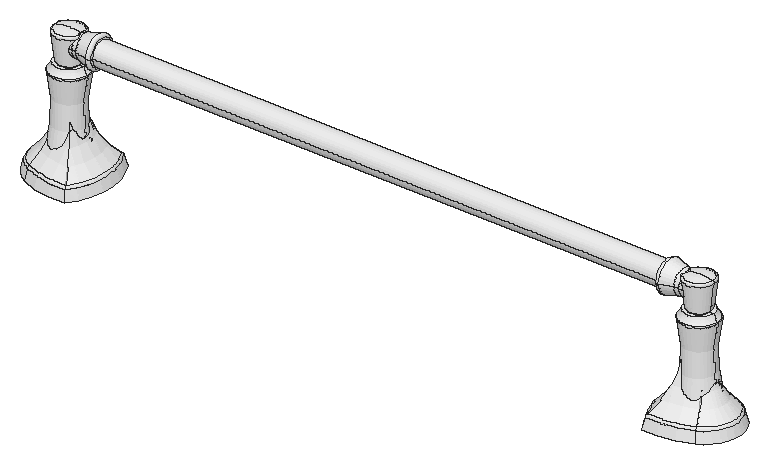
Revit family "Towel_Bar-American_Standard-Estate-77220XX_Series", category Specialty Equipment, host Face, Revit 2019
Family settings
  Host = Face
  Round Connector Dimension = Use Diameter
  Part Type = Normal
  OmniClass Number = 23.40.20.21.27
  OmniClass Title = Towel Bars
  Cut with Voids When Loaded = No
  Shared = Yes
  Room Calculation Point = No
Parameters (values of type "7722018.002")
  Width = W + 2 1/4"  # 20 1/4"
  Warranty Information = "Limited Lifetime Warranty"  # constant formula
  W = 18"
  URL = "http://www.americanstandard-us.com"
  Type Comments = ""
  Revised Date = "02/27/2024"  # constant formula
  Product Page URL = "https://www.americanstandard-us.com/towel-bars/estate-18-inch-towel-bar/chrome-7722018002"
  Product Documentation Link = "https://lixil.cdn.celum.cloud/172592_as_us_bath_spec__7722%20(7347)_original.pdf"
  Model = "7722018.002"
  Material = "Metal-American Standard-002-Polished Chrome"
  Manufacturer = "American Standard"
  Length = 3 7/8"  # constant formula
  Installation Type = "Wall Mounted"
  Height = 2 1/4"  # constant formula
  Finish = Metal-American Standard-002-Polished Chrome
  Description = "Estate® 18\" Towel Bar"
  Default Elevation = 56"  # constant formula
  Creation Date = "05/13/2019"  # constant formula
  Assembly Code = "C1030220"
Types (11): name | Width | W | Product Page URL | Model | Material | Finish | Description
  (no name) | 20 1/4" | 18" | "https://www.americanstandard-us.com/towel-bars/estate-18-inch-towel-bar/chrome-7722018002" | "7722018.002" | "Metal-American Standard-002-Polished Chrome" | Metal-American Standard-002-Polished Chrome | "Estate® 18\" Towel Bar"
  7722024.002 | 26 1/4" | 24" | "https://www.americanstandard-us.com/towel-bars/estate-24-inch-towel-bar/chrome-7722024002" | "7722024.002" | "Metal-American Standard-002-Polished Chrome" | Metal-American Standard-002-Polished Chrome | "Estate Towel Bar"
  7722018.002 | 20 1/4" | 18" | "https://www.americanstandard-us.com/towel-bars/estate-18-inch-towel-bar/chrome-7722018002" | "7722018.002" | "Metal-American Standard-002-Polished Chrome" | Metal-American Standard-002-Polished Chrome | "Estate® 18\" Towel Bar"
  7722018.278 | 20 1/4" | 18" | "https://www.americanstandard-us.com/towel-bars/estate-18-inch-towel-bar/legacy-bronze-7722018278" | "7722018.278" | "Metal-American Standard-278-Legacy Bronze" | Metal-American Standard-278-Legacy Bronze | "Estate® 18\" Towel Bar"
  7722018.295 | 20 1/4" | 18" | "https://www.americanstandard-us.com/towel-bars/estate-18-inch-towel-bar/brushed-nickel-7722018295" | "7722018.295" | "Metal-American Standard-295-Brushed Nickel" | Metal-American Standard-295-Brushed Nickel | "Estate® 18\" Towel Bar"
  7722018.013 | 20 1/4" | 18" | "https://www.americanstandard-us.com/towel-bars/estate-18-inch-towel-bar/polished-nickel-7722018013" | "7722018.013" | "Metal-American Standard-013-Polished Nickel" | Metal-American Standard-013-Polished Nickel | "Estate® 18\" Towel Bar"
  7722024.295 | 26 1/4" | 24" | "https://www.americanstandard-us.com/towel-bars/estate-24-inch-towel-bar/brushed-nickel-7722024295" | "7722024.295" | "Metal-American Standard-295-Brushed Nickel" | Metal-American Standard-295-Brushed Nickel | "Estate Towel Bar"
  7722024.243 | 26 1/4" | 24" | "https://www.americanstandard-us.com/towel-bars/estate-24-inch-towel-bar/matte-black-7722024243" | "7722024.243" | "Metal-American Standard-295-Brushed Nickel" | Metal-American Standard-295-Brushed Nickel | "Estate Towel Bar"
  7722024.278 | 26 1/4" | 24" | "https://www.americanstandard-us.com/towel-bars/estate-24-inch-towel-bar/legacy-bronze-7722024278" | "7722024.278" | "Metal-American Standard-295-Brushed Nickel" | Metal-American Standard-295-Brushed Nickel | "Estate Towel Bar"
  7722024.013 | 26 1/4" | 24" | "https://www.americanstandard-us.com/towel-bars/estate-24-inch-towel-bar/polished-nickel-7722024013" | "7722024.013" | "Metal-American Standard-013-Polished Nickel" | Metal-American Standard-013-Polished Nickel | "Estate Towel Bar"
  7722018.243 | 20 1/4" | 18" | "https://www.americanstandard-us.com/towel-bars/estate-18-inch-towel-bar/matte-black-7722018243" | "7722018.243" | "Metal-American Standard-243-Matte Black" | Metal-American Standard-243-Matte Black | "Estate® 18\" Towel Bar"
Reference planes (in)
  plane 1 "Center (Front/Back)": y = 0
  plane 2: z = 0
  plane 3 "Center (Left/Right)": x = 0
  plane 4: z = 3.875
  plane 5: z = 3.375
  plane 6: x = -9
  plane 7: x = 9
  plane 8: y = 1.125
  plane 9: y = 1.125
  plane 10: x = 10.125
  plane 11: x = -10.125
Forms (in)
  Revolve 1, solid, material "Metal-American Standard-002-Polished Chrome" <- "Finish"
    sketch origin (0, 0, 3.41797) x (1, 0, 0) y (0, 1, 0)
      loop
        line (-8.08216, 0.33016) -> (-8.08216, 0.37036)
        arc (-8.08216, 0.37036) -> (-8.11389, 0.43358) -> (-8.18354, 0.44592) r 0.07885
        line (-8.18354, 0.44592) -> (-8.54444, 0.33836)
        arc (-8.54444, 0.33836) -> (-8.6102, 0.32385) -> (-8.67737, 0.31898) r 0.4654
        line (-8.67737, 0.31898) -> (-9, 0.31898) -> (-9, 0) -> (9, 0) -> (9, 0.31898) -> (8.67737, 0.31898)
        arc (8.67737, 0.31898) -> (8.6102, 0.32385) -> (8.54444, 0.33836) r 0.4654
        line (8.54444, 0.33836) -> (8.18354, 0.44592)
        arc (8.18354, 0.44592) -> (8.11389, 0.43358) -> (8.08216, 0.37036) r 0.07885
        line (8.08216, 0.37036) -> (8.08216, 0.33016) -> (-8.08216, 0.33016)
      axis (-9, 0) -> (9, 0)
    angle from 0 to 360
  Sweep 2, solid, material "Metal-American Standard-002-Polished Chrome" <- "Finish"
    path origin (8.75, 0, 0) x (-1, 0, 0) y (0, 1, 0)
      loop
        arc (0.53355, 1.1002) -> (-0.16507, 1.07929) -> (-0.83155, 0.86883) r 2.54079
        arc (-0.83155, 0.86883) -> (-1.38048, 0) -> (-0.83155, -0.86883) r 0.96205
        arc (-0.83155, -0.86883) -> (-0.18169, -1.07642) -> (0.49997, -1.10361) r 2.54079
        arc (0.49997, -1.10361) -> (0.8749, -0.00716) -> (0.53355, 1.1002) r 1.8744
    profile origin (8.21645, 1.1002, 0) x (0.107854, -0.994167, 0) y (0, 0, 1)
      loop
        line (0, 0) -> (0.82776, 0) -> (0.82776, 1.7568)
        arc (0.82776, 1.7568) -> (0.61457, 0.99463) -> (0.12843, 0.37013) r 2.04887
        arc (0.12843, 0.37013) -> (0.09671, 0.33302) -> (0.07724, 0.28826) r 0.16496
        line (0.07724, 0.28826) -> (0, 0)
  Sweep 3, solid, material "Metal-American Standard-002-Polished Chrome" <- "Finish"
    path origin (-8.75, 0, 0) x (1, 0, 0) y (0, 1, 0)
      loop
        arc (0.53355, 1.1002) -> (-0.16507, 1.07929) -> (-0.83155, 0.86883) r 2.54079
        arc (-0.83155, 0.86883) -> (-1.38048, 0) -> (-0.83155, -0.86883) r 0.96205
        arc (-0.83155, -0.86883) -> (-0.18169, -1.07642) -> (0.49997, -1.10361) r 2.54079
        arc (0.49997, -1.10361) -> (0.8749, -0.00716) -> (0.53355, 1.1002) r 1.8744
    profile origin (-8.21645, 1.1002, 0) x (0.107854, 0.994167, 0) y (0, 0, 1)
      loop
        line (0, 0) -> (-0.07724, 0.28826)
        arc (-0.07724, 0.28826) -> (-0.09671, 0.33302) -> (-0.12843, 0.37013) r 0.16496
        arc (-0.12843, 0.37013) -> (-0.61457, 0.99463) -> (-0.82776, 1.7568) r 2.04887
        line (-0.82776, 1.7568) -> (-0.82776, 0) -> (0, 0)
  Revolve 4, solid, material "Metal-American Standard-002-Polished Chrome" <- "Finish"
    sketch origin (-12, 0, 0) x (1, 0, 0) y (0, 0, 1)
      loop
        arc (3.31898, 2.92472) -> (3.35589, 3.29058) -> (3.41965, 3.65272) r 4.98856
        arc (3.41965, 3.65272) -> (3.41325, 3.69171) -> (3.38204, 3.71594) r 0.05408
        arc (3.38204, 3.71594) -> (3.19299, 3.75715) -> (3, 3.77098) r 1.35338
        line (3, 3.77098) -> (3, 0) -> (3.7792, 0)
        arc (3.7792, 0) -> (3.42919, 1.30794) -> (3.5177, 2.65901) r 4.16049
        arc (3.5177, 2.65901) -> (3.51743, 2.67824) -> (3.50823, 2.69512) r 0.04001
        arc (3.50823, 2.69512) -> (3.44523, 2.78143) -> (3.4028, 2.87951) r 0.4816
        line (3.4028, 2.87951) -> (3.28391, 2.87951) -> (3.28391, 2.92472) -> (3.31898, 2.92472)
      axis (3, 3.77098) -> (3, 0)
    angle from 0 to 360
  Revolve 5, solid, material "Metal-American Standard-002-Polished Chrome" <- "Finish"
    sketch origin (12, 0, 0) x (-1, 0, 0) y (0, 0, -1)
      loop
        line (3.31898, -2.92472) -> (3.28391, -2.92472) -> (3.28391, -2.87951) -> (3.4028, -2.87951)
        arc (3.4028, -2.87951) -> (3.44523, -2.78143) -> (3.50823, -2.69512) r 0.4816
        arc (3.50823, -2.69512) -> (3.51743, -2.67824) -> (3.5177, -2.65901) r 0.04001
        arc (3.5177, -2.65901) -> (3.42919, -1.30794) -> (3.7792, 0) r 4.16049
        line (3.7792, 0) -> (3, 0) -> (3, -3.77098)
        arc (3, -3.77098) -> (3.19299, -3.75715) -> (3.38204, -3.71594) r 1.35338
        arc (3.38204, -3.71594) -> (3.41325, -3.69171) -> (3.41965, -3.65272) r 0.05408
        arc (3.41965, -3.65272) -> (3.35589, -3.29058) -> (3.31898, -2.92472) r 4.98856
      axis (3, -3.77098) -> (3, 0)
    angle from 0 to 360
Lines and regions (in)
  Masking region 1
    outline origin (0, 0, 0) x (1, 0, 0) y (0, 0, 1)
      loop
        line (10.13048, 0) -> (10.03361, 0.3378)
        arc (10.03361, 0.3378) -> (9.69038, 0.73339) -> (9.45217, 1.19982) r 2.16535
        arc (9.45217, 1.19982) -> (9.40561, 1.93672) -> (9.52252, 2.66579) r 3.33132
        arc (9.52252, 2.66579) -> (9.45418, 2.7679) -> (9.4028, 2.87951) r 0.77614
        line (9.4028, 2.87951) -> (9.28391, 2.87951) -> (9.28391, 2.92472) -> (9.31898, 2.92472)
        arc (9.31898, 2.92472) -> (9.36076, 3.31158) -> (9.42723, 3.69497) r 6.07214
        arc (9.42723, 3.69497) -> (9.067, 3.76735) -> (8.70118, 3.73302) r 1.26339
        arc (8.70118, 3.73302) -> (8.44526, 3.77989) -> (8.19866, 3.86281) r 1.81761
        arc (8.19866, 3.86281) -> (8.11964, 3.85523) -> (8.08216, 3.78525) r 0.08407
        line (8.08216, 3.78525) -> (8.08216, 3.74813) -> (-8.08216, 3.74813) -> (-8.08216, 3.78525)
        arc (-8.08216, 3.78525) -> (-8.11964, 3.85523) -> (-8.19866, 3.86281) r 0.08407
        arc (-8.19866, 3.86281) -> (-8.44526, 3.77989) -> (-8.70118, 3.73302) r 1.81761
        arc (-8.70118, 3.73302) -> (-9.067, 3.76735) -> (-9.42723, 3.69497) r 1.26339
        arc (-9.42723, 3.69497) -> (-9.36076, 3.31158) -> (-9.31898, 2.92472) r 6.07214
        line (-9.31898, 2.92472) -> (-9.28391, 2.92472) -> (-9.28391, 2.87951) -> (-9.4028, 2.87951)
        arc (-9.4028, 2.87951) -> (-9.45418, 2.7679) -> (-9.52252, 2.66579) r 0.77614
        arc (-9.52252, 2.66579) -> (-9.40561, 1.93672) -> (-9.45217, 1.19982) r 3.33132
        arc (-9.45217, 1.19982) -> (-9.69038, 0.73339) -> (-10.03361, 0.3378) r 2.16535
        line (-10.03361, 0.3378) -> (-10.13048, 0)
      loop
        line (10.125, 0) -> (7.86952, 0) -> (7.96639, 0.3378)
        arc (7.96639, 0.3378) -> (8.30962, 0.73339) -> (8.54783, 1.19982) r 2.16535
        arc (8.54783, 1.19982) -> (8.59439, 1.93672) -> (8.47748, 2.66579) r 3.33132
        arc (8.47748, 2.66579) -> (8.54582, 2.7679) -> (8.5972, 2.87951) r 0.77614
        line (8.5972, 2.87951) -> (8.71609, 2.87951) -> (8.71609, 2.92472) -> (8.68102, 2.92472)
        arc (8.68102, 2.92472) -> (8.67381, 3.01173) -> (8.66535, 3.09862) r 6.07214
        arc (8.66535, 3.09862) -> (8.42781, 3.05145) -> (8.19866, 2.97313) r 1.81761
        arc (8.19866, 2.97313) -> (8.11964, 2.98071) -> (8.08216, 3.05069) r 0.08407
        line (8.08216, 3.05069) -> (8.08216, 3.08781) -> (-8.08216, 3.08781) -> (-8.08216, 3.05069)
        arc (-8.08216, 3.05069) -> (-8.11964, 2.98071) -> (-8.19866, 2.97313) r 0.08407
        arc (-8.19866, 2.97313) -> (-8.42781, 3.05145) -> (-8.66535, 3.09862) r 1.81761
        arc (-8.66535, 3.09862) -> (-8.67381, 3.01173) -> (-8.68102, 2.92472) r 6.07214
        line (-8.68102, 2.92472) -> (-8.71609, 2.92472) -> (-8.71609, 2.87951) -> (-8.5972, 2.87951)
        arc (-8.5972, 2.87951) -> (-8.54582, 2.7679) -> (-8.47748, 2.66579) r 0.77614
        arc (-8.47748, 2.66579) -> (-8.59439, 1.93672) -> (-8.54783, 1.19982) r 3.33132
        arc (-8.54783, 1.19982) -> (-8.30962, 0.73339) -> (-7.96639, 0.3378) r 2.16535
        line (-7.96639, 0.3378) -> (-7.86952, 0) -> (-10.125, 0)
  symbolic lines, detail levels medium+fine
    curve 1: line (-8.08216, 0, 3.08781) -> (-8.08216, 0, 3.74813)
    curve 2: line (-9.28391, 0, 2.87951) -> (-8.72167, 0, 2.87951)
    curve 3: line (-9.28391, 0, 2.92472) -> (-8.72167, 0, 2.92472)
    curve 6: line (8.08216, 0, 3.08781) -> (8.08216, 0, 3.74813)
    curve 7: line (9.28391, 0, 2.87951) -> (8.72167, 0, 2.87951)
    curve 8: line (9.28391, 0, 2.92472) -> (8.72167, 0, 2.92472)
  symbolic lines, detail levels fine
    curve 4: line (-8.5972, 0, 2.87951) -> (-8.5972, 0, 1.04942)
    curve 5: arc (-8.5972, 0, 1.04942) -> (-8.47511, 0, 0.47506) -> (-8.12996, 0, 0) r 1.41214
    curve 9: line (8.5972, 0, 2.87951) -> (8.5972, 0, 1.04942)
    curve 10: arc (8.5972, 0, 1.04942) -> (8.47511, 0, 0.47506) -> (8.12996, 0, 0) r 1.41214
Dimensions and locks (in)
  "Length": level to plane 4
  locked: level to plane 5 at 3.375
  equal spacing: plane 10, plane 3 "Center (Left/Right)", plane 11
  locked: plane 6 to Revolve 4 sketch curve at 0.7792
  locked: plane 6 to Revolve 4 sketch curve at 0.28391
  locked: plane 6 to Revolve 4 sketch curve at 0.38204
  locked: plane 6 to Revolve 4 sketch curve at 0.31898
  locked: plane 6 to Revolve 4 sketch curve at 0.4028
  locked: Revolve 1 sketch curve to plane 7 at 0.91784
  locked: plane 6 to Revolve 1 sketch curve at 0.91784
  locked: plane 6 to Sweep 3 sketch curve at 0.74997
  locked: plane 6 to Sweep 3 sketch curve at 0.78355
  locked: plane 6 to Sweep 3 sketch curve at 1.12512
  locked: Sweep 3 sketch curve to plane 6 at 1.13048
  locked: Sweep 2 sketch curve to plane 7 at 1.12512
  locked: Sweep 2 sketch curve to plane 7 at 0.78355
  locked: Sweep 2 sketch curve to plane 7 at 0.74997
  locked: plane 7 to Sweep 2 sketch curve at 1.13048
  locked: plane 7 to curve 9 at 0.4028
  locked: plane 7 to curve 10 at 0.87004
  locked: plane 6 to curve 4 at 0.4028
  locked: plane 6 to curve 5 at 0.87004
  locked: plane 11 to plane 6 at 1.125
  locked: plane 10 to plane 7 at 1.125
  equal spacing: Masking region 1 sketch curve, plane 7, Masking region 1 sketch curve
  locked: Masking region 1 sketch curve to Masking region 1 sketch curve at 2.26095  (x2)
  equal spacing: Masking region 1 sketch curve, plane 6, Masking region 1 sketch curve
  plane 7 to Masking region 1 sketch curve = 0.40178"
  "W": plane 7 to plane 6
  radius of Sweep 3 sketch curve = 0.96205"
  aligned and locked: plane 2 to host face
  aligned and locked: level to host face
  aligned and locked: Revolve 4 sketch curve to plane 6  (x2)
  aligned and locked: Revolve 4 sketch curve to host face
  aligned and locked: Revolve 1 sketch curve to plane 6
  aligned and locked: plane 7 to Revolve 1 sketch curve
  aligned and locked: plane 7 to Revolve 5 sketch curve  (x2)
  aligned and locked: Revolve 1 to Masking region 1 sketch curve  (x2)
  aligned and locked: Masking region 1 sketch curve to Revolve 1
  aligned and locked: Masking region 1 sketch curve to curve 6
Automatic sketch dimensions
  curve 5 to level = 0"
  curve 10 to level = 0"
  level to curve 5 = 1.04942"
  level to curve 10 = 1.04942"
  curve 1 to plane 4 = 0.12687"
  curve 1 to plane 6 = 0.91784"
  curve 9 to plane 5 = 0.49549"
  curve 7 to plane 5 = 0.49549"
  curve 2 to plane 5 = 0.49549"
  curve 4 to plane 5 = 0.49549"
  curve 7 to curve 8 = 0.04521"
  curve 2 to curve 3 = 0.04521"
  curve 6 to plane 5 = 0.28719"
  curve 1 to plane 5 = 0.28719"
  curve 6 to plane 4 = 0.12687"
  host sketch curve to host sketch curve = 96"  (x2)
  plane 1 "Center (Front/Back)" to Revolve 1 sketch curve = 0"  (x2)
  Revolve 1 sketch curve to plane 6 = 0.32263"
  Revolve 1 sketch curve to Revolve 1 sketch curve = 0.13293"
  Revolve 1 sketch curve to Revolve 1 sketch curve = 0.10137"
  Revolve 1 sketch curve to Revolve 1 sketch curve = 0.02252"  (x2)
  Revolve 1 sketch curve to Revolve 1 sketch curve = 0.07885"
  Revolve 1 sketch curve to plane 1 "Center (Front/Back)" = 0.44592"
  Revolve 1 sketch curve to Revolve 1 sketch curve = 0.3609"
  Revolve 1 sketch curve to plane 7 = 0.32263"
  Revolve 1 sketch curve to plane 1 "Center (Front/Back)" = 0.31898"  (x2)
  Revolve 1 sketch curve to Revolve 1 sketch curve = 0.0402"  (x2)
  Revolve 1 sketch curve to Revolve 1 sketch curve = 0.01939"  (x2)
  Revolve 1 sketch curve to plane 3 "Center (Left/Right)" = 1.00241"
  Revolve 1 sketch curve to plane 3 "Center (Left/Right)" = 0.40006"
  plane 1 "Center (Front/Back)" to Sweep 2 sketch curve = 0"
  Sweep 2 sketch curve to Sweep 2 sketch curve = 0.24046"
  Sweep 2 sketch curve to Sweep 2 sketch curve = 0.27403"
  Sweep 2 sketch curve to plane 7 = 0.16843"
  plane 1 "Center (Front/Back)" to Sweep 2 sketch curve = 0.02139"
  plane 10 to Sweep 2 sketch curve = 0.37572"
  Sweep 2 sketch curve to Sweep 2 sketch curve = 0.32216"
  Sweep 2 sketch curve to plane 8 = 77/256"
  Sweep 2 sketch curve to profile plane = 0"  (x2)
  profile plane to Sweep 2 sketch curve = 1.21482"
  Sweep 2 sketch curve to profile plane = 0.07724"
  Sweep 2 sketch curve to Sweep 2 sketch curve = 0.15934"
  Sweep 2 sketch curve to Sweep 2 sketch curve = 0.59119"
  profile plane to Sweep 2 sketch curve = 0.24557"
  Sweep 2 sketch curve to Sweep 2 sketch curve = 0.04269"
  Sweep 2 sketch curve to Sweep 2 sketch curve = 1.51124"
  profile plane to Sweep 2 sketch curve = 1.91724"
  plane 1 "Center (Front/Back)" to Sweep 3 sketch curve = 0"
  Sweep 3 sketch curve to plane 1 "Center (Front/Back)" = 0.02139"
  Sweep 3 sketch curve to plane 11 = 0.37572"
  plane 9 to Sweep 3 sketch curve = 77/256"
  Sweep 3 sketch curve to Sweep 3 sketch curve = 0.27403"
  Sweep 3 sketch curve to Sweep 3 sketch curve = 0.24046"
  Sweep 3 sketch curve to Sweep 3 sketch curve = 0.32216"
  Sweep 3 sketch curve to profile plane = 0"  (x2)
  profile plane to Sweep 3 sketch curve = 0.07724"
  Sweep 3 sketch curve to Sweep 3 sketch curve = 0.15934"
  Sweep 3 sketch curve to Sweep 3 sketch curve = 0.59119"
  Sweep 3 sketch curve to profile plane = 1.21482"
  profile plane to Sweep 3 sketch curve = 0.24557"
  Sweep 3 sketch curve to Sweep 3 sketch curve = 0.04269"
  Sweep 3 sketch curve to Sweep 3 sketch curve = 1.51124"
  profile plane to Sweep 3 sketch curve = 1.91724"
  Revolve 4 sketch curve to Revolve 4 sketch curve = 0.01527"
  Revolve 4 sketch curve to Revolve 4 sketch curve = 0.07593"
  Revolve 4 sketch curve to Revolve 4 sketch curve = 0.46051"
  Revolve 4 sketch curve to plane 5 = 1.65986"
  Revolve 4 sketch curve to Revolve 4 sketch curve = 3.70639"
  Revolve 4 sketch curve to Revolve 4 sketch curve = 0.72772"
  Revolve 4 sketch curve to plane 5 = 0.9574"
  Revolve 4 sketch curve to plane 5 = 0.7678"
  Revolve 4 sketch curve to Revolve 4 sketch curve = 0.25049"
  Revolve 4 sketch curve to Revolve 4 sketch curve = 0.21142"
  Revolve 4 sketch curve to Revolve 4 sketch curve = 0.04521"
  Revolve 4 sketch curve to plane 5 = 0.35453"
  Revolve 4 sketch curve to plane 4 = 27/128"
  Revolve 4 sketch curve to plane 4 = 0.10402"
  Revolve 4 sketch curve to Revolve 4 sketch curve = 0"
  Revolve 4 sketch curve to Revolve 4 sketch curve = 0.32897"
  Revolve 4 sketch curve to Revolve 4 sketch curve = 0.07897"
  Revolve 5 sketch curve to level = 0"
  Revolve 5 sketch curve to plane 7 = 0.28391"
  Revolve 5 sketch curve to Revolve 5 sketch curve = 0.03507"
  Revolve 5 sketch curve to plane 7 = 0.36677"
  Revolve 5 sketch curve to Revolve 5 sketch curve = 0.08383"
  Revolve 5 sketch curve to Revolve 5 sketch curve = 0.07593"
  Revolve 5 sketch curve to plane 7 = 0.7792"
  Revolve 5 sketch curve to Revolve 5 sketch curve = 0.46051"
  Revolve 5 sketch curve to plane 5 = 1.65986"
  Revolve 5 sketch curve to Revolve 5 sketch curve = 3.70639"
  Revolve 5 sketch curve to Revolve 5 sketch curve = 0.72772"
  Revolve 5 sketch curve to plane 5 = 0.9574"
  Revolve 5 sketch curve to plane 5 = 0.7678"
  Revolve 5 sketch curve to Revolve 5 sketch curve = 0.25049"
  Revolve 5 sketch curve to Revolve 5 sketch curve = 0.21142"
  Revolve 5 sketch curve to Revolve 5 sketch curve = 0.04521"
  Revolve 5 sketch curve to plane 5 = 0.35453"
  Revolve 5 sketch curve to plane 4 = 27/128"
  Revolve 5 sketch curve to plane 4 = 0.10402"
  Revolve 5 sketch curve to Revolve 5 sketch curve = 0"  (x2)
  Revolve 5 sketch curve to Revolve 5 sketch curve = 0.32897"
  Revolve 5 sketch curve to Revolve 5 sketch curve = 0.07897"
  curve 3 to curve 4 = 0.12447"
  curve 3 to curve 2 = 0"  (x2)
  plane 6 to curve 2 = 0.28391"
  curve 6 to plane 7 = 0.91784"
  curve 9 to curve 8 = 0.12447"
  curve 8 to curve 7 = 0"  (x2)
  plane 7 to curve 7 = 0.28391"
  Masking region 1 sketch curve to level = 0"  (x4)
  plane 11 to Masking region 1 sketch curve = 0"
  Masking region 1 sketch curve to plane 10 = 0"
  plane 11 to Masking region 1 sketch curve = 0.00633"
  plane 11 to Masking region 1 sketch curve = 1.36054"
  Masking region 1 sketch curve to Masking region 1 sketch curve = 1.24756"  (x4)
  Masking region 1 sketch curve to plane 5 = 0.9085"  (x4)
  Masking region 1 sketch curve to Masking region 1 sketch curve = 0.08383"  (x4)
  Masking region 1 sketch curve to Masking region 1 sketch curve = 0.03507"  (x4)
  plane 6 to Masking region 1 sketch curve = 0.00088"
  Masking region 1 sketch curve to plane 6 = 0.1002"  (x2)
  Masking region 1 sketch curve to plane 4 = 0.08975"  (x2)
  Masking region 1 sketch curve to Masking region 1 sketch curve = 0.08407"  (x4)
  level to Masking region 1 sketch curve = 0.3378"  (x4)
  Masking region 1 sketch curve to Masking region 1 sketch curve = 0.21349"  (x2)
  Masking region 1 sketch curve to Masking region 1 sketch curve = 1.35421"
  Masking region 1 sketch curve to Masking region 1 sketch curve = 2.6407"  (x4)
  Masking region 1 sketch curve to plane 5 = 1.59795"
  Masking region 1 sketch curve to plane 5 = 0.2278"  (x4)
  Masking region 1 sketch curve to Masking region 1 sketch curve = 0.09686"  (x2)
  Masking region 1 sketch curve to plane 4 = 0.12687"
  Masking region 1 sketch curve to plane 7 = 0.1002"  (x2)
  plane 7 to Masking region 1 sketch curve = 0.00088"
  plane 10 to Masking region 1 sketch curve = 1.36054"
  level to Masking region 1 sketch curve = 1.29619"  (x2)
  Masking region 1 sketch curve to Masking region 1 sketch curve = 0.16719"  (x4)
  Masking region 1 sketch curve to plane 5 = 0.86931"  (x2)
  Masking region 1 sketch curve to plane 5 = 0.49549"
  Masking region 1 sketch curve to Masking region 1 sketch curve = 0.37383"  (x3)
  Masking region 1 sketch curve to Masking region 1 sketch curve = 0.04521"  (x4)
  Masking region 1 sketch curve to Masking region 1 sketch curve = 0.09651"
  Masking region 1 sketch curve to plane 5 = 0.32431"
  plane 4 to Masking region 1 sketch curve = 1.66475"  (x2)
  Masking region 1 sketch curve to Masking region 1 sketch curve = 0.11972"  (x2)
  Masking region 1 sketch curve to plane 4 = 0.18003"
  Masking region 1 sketch curve to plane 4 = 0.14198"  (x2)
  Masking region 1 sketch curve to Masking region 1 sketch curve = 0.01568"
  Masking region 1 sketch curve to Masking region 1 sketch curve = 0.35198"
  Masking region 1 sketch curve to Masking region 1 sketch curve = 0"  (x2)
  plane 7 to Masking region 1 sketch curve = 0.45217"
  Masking region 1 sketch curve to Masking region 1 sketch curve = 0.03712"
  plane 10 to Masking region 1 sketch curve = 0.00633"
  Masking region 1 sketch curve to Masking region 1 sketch curve = 5.24247"
  plane 7 to Masking region 1 sketch curve = 0.28391"
  level to Masking region 1 sketch curve = 1.77705"  (x3)
  Masking region 1 sketch curve to plane 10 = 0.09139"
  Masking region 1 sketch curve to plane 11 = 0.09139"
  Masking region 1 sketch curve to Masking region 1 sketch curve = 0.40193"
  Masking region 1 sketch curve to plane 6 = 0.28391"
